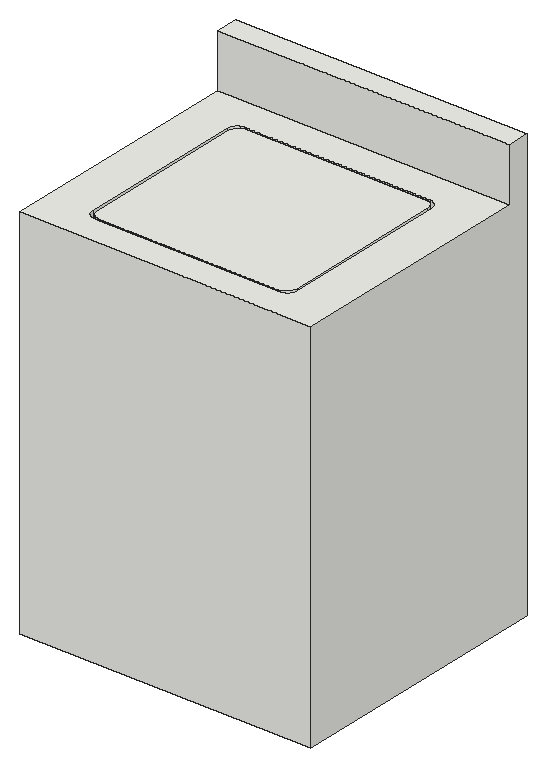
Revit family "Washer", category Specialty Equipment, Revit 2023
Family settings
  Round Connector Dimension = Use Diameter
  Part Type = Undefined
  Work Plane-Based = No
  Enable Cutting in Views = No
  Always vertical = Yes
  Cut with Voids When Loaded = No
  Maintain Annotation Orientation = No
  Shared = Yes
  Room Calculation Point = No
Parameters (values of type "27" x 25" x 35"")
  Label = "W"
  Default Elevation = 0' - 0"
  Assembly Code = "E1090400"
  Depth = 2' - 1"
  Height = 2' - 11"
  Washer Material = Metal - Paint Finish - Ivory,Matte
  Width = 2' - 3"
Types (2): name | Width
  27" x 25" x 35" | 2' - 3"
  25" x 25" x 35" | 2' - 1"
Reference planes (in)
  plane 1: y = -1.50986
  plane 2: z = 0
  plane 3: x = 3.05187
  plane 4 "Top": z = 35
  plane 5: x = 30.05187
  plane 6: y = 23.49014
  plane 7: z = 37.5
  plane 8: x = 16.55187
Forms (in)
  Extrusion 1, solid, material "Metal - Paint Finish - Ivory,Matte" <- "Washer Material"
    sketch origin (0, 0, 0) x (1, 0, 0) y (0, 1, 0)
      loop
        line (30.05187, 23.49014) -> (3.05187, 23.49014) -> (3.05187, -1.50986) -> (30.05187, -1.50986) -> (30.05187, 23.49014)
    from 0 to 35
  Extrusion 2, solid, material "Metal - Paint Finish - Ivory,Matte" <- "Washer Material"
    sketch origin (3.05187, 23.49014, 35) x (0, 0, -1) y (0, -1, 0)
      loop
        line (0, 0) -> (0, 2) -> (-5, 2) -> (-5, 0) -> (0, 0)
    from 0 to -27
  Extrusion 3, void
    sketch origin (0, 0, 35) x (0, -1, 0) y (1, 0, 0)
      loop
        arc (-18.483, 8.05187) -> (-18.19011, 7.34476) -> (-17.483, 7.05187) r 1
        line (-17.483, 7.05187) -> (-1.99014, 7.05187)
        arc (-1.99014, 7.05187) -> (-1.28303, 7.34476) -> (-0.99014, 8.05187) r 1
        line (-0.99014, 8.05187) -> (-0.99014, 25.05187)
        arc (-0.99014, 25.05187) -> (-1.28303, 25.75898) -> (-1.99014, 26.05187) r 1
        line (-1.99014, 26.05187) -> (-17.483, 26.05187)
        arc (-17.483, 26.05187) -> (-18.19011, 25.75898) -> (-18.483, 25.05187) r 1
        line (-18.483, 25.05187) -> (-18.483, 8.05187)
    from 0 to -2
  Extrusion 4, solid, material "Metal - Paint Finish - Ivory,Matte" <- "Washer Material"
    sketch origin (0, 0, 35) x (1, 0, 0) y (0, -1, 0)
      loop
        line (8.30187, -18.24014) -> (24.80187, -18.24014)
        arc (24.80187, -18.24014) -> (25.50898, -17.94725) -> (25.80187, -17.24014) r 1
        line (25.80187, -17.24014) -> (25.80187, -2.24014)
        arc (25.80187, -2.24014) -> (25.50898, -1.53303) -> (24.80187, -1.24014) r 1
        line (24.80187, -1.24014) -> (8.30187, -1.24014)
        arc (8.30187, -1.24014) -> (7.59476, -1.53303) -> (7.30187, -2.24014) r 1
        line (7.30187, -2.24014) -> (7.30187, -17.24014)
        arc (7.30187, -17.24014) -> (7.59476, -17.94725) -> (8.30187, -18.24014) r 1
    from 0 to 1
Cuts and joins
  Extrusion 3 cuts Extrusion 1
  Extrusion 3 cuts Extrusion 2
  joined: Extrusion 1, Extrusion 2
Lines and regions (in)
  Masking region 1
    outline origin (0, 0, 0) x (1, 0, 0) y (0, 1, 0)
      loop
        line (3.05187, 23.49014) -> (3.05187, -1.50986) -> (30.05187, -1.50986) -> (30.05187, 23.49014) -> (3.05187, 23.49014)
  model lines
    curve 1: line (7.05187, 17.483, 35) -> (7.05187, 1.99014, 35)
    curve 2: line (8.05187, 18.483, 35) -> (25.05187, 18.483, 35)
    curve 3: line (26.05187, 17.483, 35) -> (26.05187, 1.99014, 35)
    curve 4: line (8.05187, 0.99014, 35) -> (25.05187, 0.99014, 35)
    curve 5: arc (7.05187, 21.49014, 38.5) -> (6.05187, 21.49014, 37.5) -> (7.05187, 21.49014, 36.5) r 1
    curve 6: arc (7.05187, 21.49014, 36.5) -> (8.05187, 21.49014, 37.5) -> (7.05187, 21.49014, 38.5) r 1
    curve 7: arc (11.38007, 21.49014, 39) -> (9.88007, 21.49014, 37.5) -> (11.38007, 21.49014, 36) r 1.5
    curve 8: arc (11.38007, 21.49014, 36) -> (12.88007, 21.49014, 37.5) -> (11.38007, 21.49014, 39) r 1.5
    curve 9: arc (15.91902, 21.49014, 38.5) -> (14.91902, 21.49014, 37.5) -> (15.91902, 21.49014, 36.5) r 1
    curve 10: arc (15.91902, 21.49014, 36.5) -> (16.91902, 21.49014, 37.5) -> (15.91902, 21.49014, 38.5) r 1
    curve 11: arc (7.05187, 17.483, 35) -> (7.34476, 18.19011, 35) -> (8.05187, 18.483, 35) r 1
    curve 12: arc (25.05187, 18.483, 35) -> (25.75898, 18.19011, 35) -> (26.05187, 17.483, 35) r 1
    curve 13: arc (7.05187, 1.99014, 35) -> (7.34476, 1.28303, 35) -> (8.05187, 0.99014, 35) r 1
    curve 14: arc (25.05187, 0.99014, 35) -> (25.75898, 1.28303, 35) -> (26.05187, 1.99014, 35) r 1
  symbolic lines, style "SpecialityEquipment"
    curve 15: line (3.05187, 21.49014, 0) -> (30.05187, 21.49014, 0)
    curve 16: line (8.05187, 18.483, 0) -> (25.05187, 18.483, 0)
    curve 17: line (26.05187, 17.483, 0) -> (26.05187, 1.99014, 0)
    curve 18: line (8.05187, 0.99014, 0) -> (25.05187, 0.99014, 0)
    curve 19: line (7.05187, 17.483, 0) -> (7.05187, 1.99014, 0)
    curve 20: arc (7.05187, 17.483, 0) -> (7.34476, 18.19011, 0) -> (8.05187, 18.483, 0) r 1
    curve 21: arc (25.05187, 18.483, 0) -> (25.75898, 18.19011, 0) -> (26.05187, 17.483, 0) r 1
    curve 22: arc (7.05187, 1.99014, 0) -> (7.34476, 1.28303, 0) -> (8.05187, 0.99014, 0) r 1
    curve 23: arc (25.05187, 0.99014, 0) -> (25.75898, 1.28303, 0) -> (26.05187, 1.99014, 0) r 1
Dimensions and locks (in)
  "Width": plane 5 to plane 3
  "Depth": plane 6 to plane 1
  Extrusion 1 to curve 1 = 0' - 4"
  curve 3 to Extrusion 1 = 0' - 4"
  "Height": plane 2 to plane 4 "Top"
  equal spacing: Extrusion 2, plane 7, plane 4 "Top"
  equal spacing: plane 5, plane 8, plane 3
  equal spacing: Extrusion 4, nested 1, Extrusion 4
  aligned and locked: plane 6 to Extrusion 1 sketch curve
  aligned and locked: plane 5 to Extrusion 1 sketch curve  (x2)
  aligned and locked: plane 1 to Extrusion 1 sketch curve  (x3)
  aligned and locked: plane 3 to Extrusion 1 sketch curve  (x2)
  aligned and locked: Extrusion 1 to level
  aligned and locked: Extrusion 1 to plane 4 "Top"
  aligned and locked: plane 7 to curve 6
  aligned and locked: plane 7 to curve 8
  aligned and locked: plane 7 to curve 10
  aligned and locked: plane 5 to Extrusion 2
  aligned and locked: nested 1 to plane 8
  aligned and locked: plane 3 to Masking region 1 sketch curve
  aligned and locked: Masking region 1 sketch curve to plane 5
  aligned and locked: Masking region 1 sketch curve to plane 6
  aligned and locked: Masking region 1 sketch curve to plane 1
Automatic sketch dimensions
  Extrusion 1 sketch curve to plane 6 = 0' - 0"
  plane 5 to Extrusion 1 sketch curve = 0' - 0"
  Extrusion 2 sketch curve to plane 6 = 0' - 0"
  Extrusion 2 sketch curve to plane 4 "Top" = 0' - 0"
  Extrusion 2 sketch curve to plane 6 = 0' - 2"
  Extrusion 2 sketch curve to plane 4 "Top" = 0' - 5"
  curve 5 to curve 5 = 0' - 1"
  curve 9 to curve 9 = 0' - 1"
  curve 8 to plane 4 "Top" = 0' - 1"
  plane 3 to curve 6 = 0' - 4"
  curve 6 to curve 7 = 0' - 4.3282"
  curve 8 to curve 9 = 0' - 4.53895"
  curve 1 to curve 13 = 0' - 1"
  curve 1 to curve 11 = 0' - 1"
  curve 18 to curve 4 = 0' - 0"
  curve 20 to curve 2 = 0' - 0"
  curve 14 to curve 3 = 0' - 1"
  curve 2 to curve 3 = 0' - 1"
  curve 23 to curve 14 = 0' - 0"
  curve 16 to curve 2 = 0' - 0"
  curve 17 to curve 3 = 0' - 0"
  curve 18 to plane 1 = 0' - 2 1/2"
  curve 4 to curve 18 = 0' - 0"
  Extrusion 3 sketch curve to plane 6 = 0' - 5.00714"
  Extrusion 3 sketch curve to Extrusion 3 sketch curve = 0' - 1"  (x3)
  Extrusion 3 sketch curve to plane 1 = 0' - 3 1/2"  (x2)
  plane 3 to Extrusion 3 sketch curve = 0' - 4"
  Extrusion 3 sketch curve to plane 5 = 0' - 5"
  plane 3 to Extrusion 4 sketch curve = 0' - 4 1/4"
  Extrusion 4 sketch curve to Extrusion 4 sketch curve = 0' - 1"  (x4)
  Extrusion 4 sketch curve to plane 1 = 0' - 2 3/4"
  Extrusion 4 sketch curve to plane 5 = 0' - 5 1/4"
  Extrusion 4 sketch curve to plane 6 = 0' - 6 1/4"
  curve 15 to plane 3 = 0' - 0"
  curve 11 to curve 20 = 0' - 0"
  curve 12 to curve 21 = 0' - 0"
  curve 12 to plane 6 = 0' - 6.00714"
  curve 15 to plane 6 = 0' - 2"
  curve 15 to plane 5 = 0' - 0"
Nested families (in)
  nested 1: "Label Annotation 3-32" at (16.55187, 9.74014, 0), type "Label Annotation 3-32", detail levels medium+fine
Definition of nested family "Label Annotation 3-32"
  Parameters
    Label = ""
  Reference planes (in)
    plane 1: y = 0
    plane 2: x = 0
  Text (in)
    label "Label" at (0.00375, -0.00345, 0), shows "Label"
